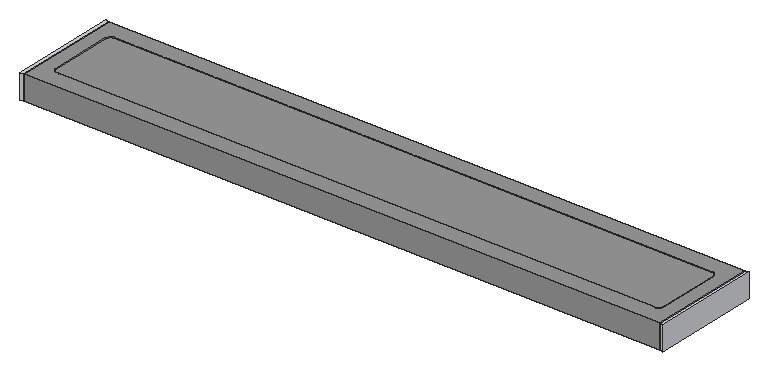
Revit family "2021681 Sylvania Lighting Fixture OPTIX S 1200 ASYMMETRIC 4K SSC WHITE", category Lighting Fixtures, host Face, Revit 2018
Family settings
  Host = Face
  Round Connector Dimension = Use Diameter
  Part Type = Normal
  OmniClass Number = 23.80.70.00
  OmniClass Title = Lighting
  Cut with Voids When Loaded = No
  Light Source = Yes
  Shared = No
  Room Calculation Point = No
Parameters (values of type "2021681 OPTIX S 1200 ASYM 4K SSC WHT")
  spacer height = 5 mm
  spacer centres = 1000 mm
  lens width = 1135 mm
  full length = 1200 mm
  Width = 200 mm
  Weight = "n/a"
  Wattage Comments = ""
  Wattage = 9.2903 W
  WarrantyStartDate [instance] = "n/a"
  WarrantyGuarantorParts = "n/a"
  WarrantyDurationUnit = "n/a"
  WarrantyDurationParts = ""
  WarrantyDescription = "http://www.sylvania-lighting.com"
  built-in parameter 1150110 = 1 (stored number, unit not read)
  Voltage = 0 V
  URL = "0.98"
  TypeName = "OPTIX S 1200 ASYMMETRIC 4K SSC WHITE"
  Type Image = <None>
  Type Comments = "n/a"
  built-in parameter 1114217 = 1 (stored number, unit not read)
  Tilt Angle = 90.00°
  built-in parameter 1150109 = 1 (stored number, unit not read)
  built-in parameter 1150134 = 3
  built-in parameter 1150113 = 1 (stored number, unit not read)
  SerialNumber [instance] = "n/a"
  Photometric Web File = "2021681.ies"
  Material_3_FEILO = none
  PowerFactor = 0
  PowerConsumption = "Lighting"
  NominalLength = 200 mm
  NominalHeight = 0 mm
  NominalDepth = 0 mm
  Name = "OPTIX S 1200 ASYMMETRIC 4K SSC WHITE"
  ModelReference = Name  # "OPTIX S 1200 ASYMMETRIC 4K SSC WHITE"
  ModelNumber = "2021681"
  Model = Name  # "OPTIX S 1200 ASYMMETRIC 4K SSC WHITE"
  Material = "Feilo Sylvania"
  ManufacturerName = "112 lm/W"
  Manufacturer = ""
  LuminousEfficacy = ""
  built-in parameter 1150105 = 109.82 (stored number, unit not read)
  Lumens = 1380 lm
  LuminaireType = "0"
  built-in parameter 1150115 = 1 (stored number, unit not read)
  LightOutputRatio = "LED"
  built-in parameter 1150137 = (empty or 0)
  built-in parameter 1150139 = (empty or 0)
  Lens Width = 135 mm
  Length = 1188 mm
  LampsType = Lamp  # "n/a"
  LampNominalLuminous = "4000 K"
  LampMacAdamStep = "80"
  LampColourTemperature = "LED"
  LampColourRenderingIndex = "16500"
  built-in parameter 1150112 = 1 (stored number, unit not read)
  built-in parameter 1150114 = 1 (stored number, unit not read)
  Lamp = "n/a"
  Keynote = "n/a"
  InstallationDate [instance] = "n/a"
  InputVoltage = "0"
  InputNominalFrequency = "4000"
  built-in parameter 1150132 = (empty or 0)
  built-in parameter 1150102 = (empty or 0)
  built-in parameter 1150107 = 3200 (stored number, unit not read)
  built-in parameter 1150138 = (empty or 0)
  IngressProtection = "IfcLightFixtureType"
  ImpactProtectionIndex = "IfcLightFixtureType"
  built-in parameter 1150106 = 1.0982 (stored number, unit not read)
  IfcExportType = "IfcLightFixtureType"
  IfcExportAs = "Class I"
  Height = 50 mm
  ExpectedLife = 50000
  Emit from Circle Diameter = 609.6 mm
  Emit Shape Visible in Rendering = no
  ElectricShockClassification = "112"
  built-in parameter 1150104 = 13.8 (stored number, unit not read)
  DurationUnit = "hours"
  DocumentationLiterature = "http://www.sylvania-lighting.com/product/en-int/products/2021681"
  DimmingControlOptions = "n/a"
  Material_2_FEILO = none
  Dimming Lamp Color Temperature Shift = <None>
  Description = "Surface or Suspended LED Linear luminaire with Asymmetric Aluminium Reflector, Asymmetric Light Distribution, Luminaire Dimensions: 1200x200x50mm, Sylvania White body colour, IP20, IK07, SylSmart Standalone Office controlled, Low LED flicker (+/-5%), Warm White (3000K) LED Colour Temperature, 3480lm, 31W, 112lm/W efficacy, CRI>80, 3 SDCM (3-step MacAdam ellipse) LED Colour Consistency, Lumen Maintenance: L90B50 at 60,000 hours."
  Default Elevation = 1219.2 mm
  CreatedOn = "24/03/2021"
  CreatedBy = "@sylvania-lighting.com"
  Cost = 0
  Color Filter = 16777215
  built-in parameter 1114216 [instance] = (empty or 0)
  ClassificationValue = "EF_70_80"
  ClassificationName = "Uniclass2015"
  Material_1_FEILO = none
  BarCode [instance] = "n/a"
  built-in parameter 1114218 = 1 (stored number, unit not read)
  built-in parameter 1150133 = 10 (stored number, unit not read)
  AssetType = "Fixed"
  AssetIdentifier [instance] = "n/a"
  Assembly Code = "D5020200"
  Apparent Load = 31 VA
  Material_4_FEILO = none
Reference planes
  plane 1 "Center (Front/Back)": y = 0
  plane 2: z = 0
  plane 3 "Center (Left/Right)": x = 0
  plane 4: z = 0
  plane 5: z = 50
  plane 6: y = 100
  plane 7: y = -100
  plane 8: x = -594
  plane 9: x = 594
  plane 10: z = 5
  plane 11: x = -500
  plane 12: x = 500
  plane 13: y = 10
  plane 14: y = -10
  plane 15: x = 487.5
  plane 16: x = 512.5
  plane 17: x = -512.5
  plane 18: x = -487.5
  plane 19: x = -567.5
  plane 20: x = 567.5
  plane 21: y = 67.5
  plane 22: y = -67.5
  plane 23: x = -557.5
  plane 24: y = 57.5
  plane 25: y = -57.5
  plane 26: x = 557.5
  plane 27: x = -600
  plane 28: x = 600
Forms (mm)
  Extrusion 1, solid, material "Aluminum 1100-H18", detail levels medium+fine
    sketch origin (4.2, 0, 0) x (1, 0, 0) y (0, 1, 0)
      loop
        line (-598.2, 100) -> (-598.2, -100) -> (589.8, -100) -> (589.8, 100) -> (-598.2, 100)
    from 5 to 50
  Extrusion 2, solid
    sketch origin (4.2, 0, 0) x (1, 0, 0) y (0, 1, 0)
      loop
        line (483.3, 10) -> (483.3, -10) -> (508.3, -10) -> (508.3, 10) -> (483.3, 10)
    from 0 to 5
  Extrusion 3, solid
    sketch origin (4.2, 0, 0) x (1, 0, 0) y (0, 1, 0)
      loop
        line (-516.7, 10) -> (-516.7, -10) -> (-491.7, -10) -> (-491.7, 10) -> (-516.7, 10)
    from 0 to 5
  Extrusion 4, void, detail levels fine
    sketch origin (4.2, 0, 0) x (0, 1, 0) y (1, 0, 0)
      loop
        line (67.5, -561.7) -> (67.5, 553.3)
        arc (67.5, 553.3) -> (64.571, 560.371) -> (57.5, 563.3) r 10
        line (57.5, 563.3) -> (-57.5, 563.3)
        arc (-57.5, 563.3) -> (-64.571, 560.371) -> (-67.5, 553.3) r 10
        line (-67.5, 553.3) -> (-67.5, -561.7)
        arc (-67.5, -561.7) -> (-64.571, -568.771) -> (-57.5, -571.7) r 10
        line (-57.5, -571.7) -> (57.5, -571.7)
        arc (57.5, -571.7) -> (64.571, -568.771) -> (67.5, -561.7) r 10
    from -50 to -48
  Extrusion 5, solid, detail levels medium+fine
    sketch origin (4.2, 0, 0) x (1, 0, 0) y (0, 1, 0)
      loop
        line (-604.2, 100) -> (-604.2, -100) -> (-598.2, -100) -> (-598.2, 100) -> (-604.2, 100)
    from 5 to 50
  Extrusion 6, solid, detail levels medium+fine
    sketch origin (4.2, 0, 0) x (1, 0, 0) y (0, 1, 0)
      loop
        line (589.8, 100) -> (589.8, -100) -> (595.8, -100) -> (595.8, 100) -> (589.8, 100)
    from 5 to 50
  Extrusion 7, solid, material "Glass, White, High Luminance", detail levels fine
    sketch origin (4.2, 0, 0) x (1, 0, 0) y (0, 1, 0)
      loop
        arc (-561.7, 67.5) -> (-568.771, 64.571) -> (-571.7, 57.5) r 10
        line (-571.7, 57.5) -> (-571.7, -57.5)
        arc (-571.7, -57.5) -> (-568.771, -64.571) -> (-561.7, -67.5) r 10
        line (-561.7, -67.5) -> (553.3, -67.5)
        arc (553.3, -67.5) -> (560.371, -64.571) -> (563.3, -57.5) r 10
        line (563.3, -57.5) -> (563.3, 57.5)
        arc (563.3, 57.5) -> (560.371, 64.571) -> (553.3, 67.5) r 10
        line (553.3, 67.5) -> (-561.7, 67.5)
    from 48 to 49.5
  Extrusion 8, solid, detail levels coarse
    sketch origin (4.2, 0, 0) x (1, 0, 0) y (0, 1, 0)
      loop
        line (-604.2, 100) -> (-604.2, -100) -> (595.8, -100) -> (595.8, 100) -> (-604.2, 100)
    from 0 to 50
Cuts and joins
  Extrusion 4 cuts Extrusion 2
  Extrusion 4 cuts Extrusion 3
  Extrusion 4 cuts Extrusion 1
Dimensions and locks
  "Width": plane 6 to plane 7
  equal spacing: plane 6, plane 1 "Center (Front/Back)", plane 7
  "Length": plane 8 to plane 9
  equal spacing: plane 8, plane 3 "Center (Left/Right)", plane 9
  "spacer height": plane 10 to host face
  "Height": plane 5 to level
  "spacer centres": plane 11 to plane 12
  equal spacing: plane 11, plane 3 "Center (Left/Right)", plane 12
  "lens width": plane 19 to plane 20
  equal spacing: plane 19, plane 3 "Center (Left/Right)", plane 20
  "Lens Width": plane 21 to plane 22
  equal spacing: plane 21, plane 1 "Center (Front/Back)", plane 22
  "full length": plane 27 to plane 28
  equal spacing: plane 27, plane 3 "Center (Left/Right)", plane 28
  aligned and locked: plane 2 to host face
  aligned and locked: level to host face
Automatic sketch dimensions
  host sketch curve to host sketch curve = 2438.4 mm  (x2)
  Extrusion 1 sketch curve to plane 7 = 0 mm
  Extrusion 1 sketch curve to plane 8 = 0 mm
  Extrusion 1 sketch curve to plane 9 = 0 mm
  Extrusion 1 sketch curve to plane 6 = 0 mm
  Extrusion 2 sketch curve to plane 14 = 0 mm
  Extrusion 2 sketch curve to plane 15 = 0 mm
  Extrusion 2 sketch curve to plane 16 = 0 mm
  Extrusion 2 sketch curve to plane 13 = 0 mm
  Extrusion 3 sketch curve to plane 14 = 0 mm
  Extrusion 3 sketch curve to plane 17 = 0 mm
  Extrusion 3 sketch curve to plane 18 = 0 mm
  Extrusion 3 sketch curve to plane 13 = 0 mm
  Extrusion 4 sketch curve to plane 22 = 0 mm
  Extrusion 4 sketch curve to plane 19 = 0 mm
  Extrusion 4 sketch curve to plane 25 = 0 mm  (x2)
  Extrusion 4 sketch curve to plane 20 = 0 mm
  Extrusion 4 sketch curve to plane 24 = 0 mm  (x2)
  Extrusion 4 sketch curve to plane 23 = 0 mm
  Extrusion 5 sketch curve to plane 7 = 0 mm
  Extrusion 5 sketch curve to plane 27 = 0 mm
  Extrusion 5 sketch curve to plane 8 = 0 mm
  Extrusion 5 sketch curve to plane 6 = 0 mm
  Extrusion 6 sketch curve to plane 7 = 0 mm
  Extrusion 6 sketch curve to plane 9 = 0 mm
  Extrusion 6 sketch curve to plane 28 = 0 mm
  Extrusion 6 sketch curve to plane 6 = 0 mm
  Extrusion 7 sketch curve to plane 23 = 0 mm  (x2)
  Extrusion 7 sketch curve to plane 21 = 0 mm
  Extrusion 7 sketch curve to plane 22 = 0 mm
  Extrusion 7 sketch curve to plane 26 = 0 mm  (x2)
  Extrusion 7 sketch curve to plane 20 = 0 mm
  Extrusion 7 sketch curve to plane 24 = 0 mm
  Extrusion 8 sketch curve to plane 7 = 0 mm
  Extrusion 8 sketch curve to plane 27 = 0 mm
  Extrusion 8 sketch curve to plane 28 = 0 mm
  Extrusion 8 sketch curve to plane 6 = 0 mm
Connectors
  electrical at (0, 0, 0), driven by "Apparent Load", driven by "PowerFactor", driven by "Voltage"
    settings: index 1, voltage 0 V, apparent load 31 VA, apparent load phase1 0 VA, apparent load phase2 0 VA, apparent load phase3 0 VA, power factor 0, load classification "Lighting", number of poles 1, system type 30, power factor state 1, is connector primary yes, connector utility no, sub classification motor no, connector description ""
